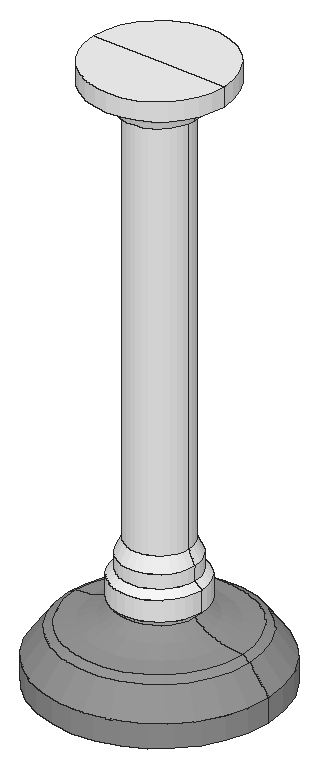
Revit family "DA-MA2100-CM2050-WPB-IDIS", category Security Devices, Revit 2015
Parameters
  Default Elevation = 1219.2 mm
  Ceiling Mount Height [instance] = 296.105 mm
Reference planes
  plane 1 "Center (Front/Back)": y = 0
  plane 2: z = 0
  plane 3 "Center (Left/Right)": x = 0
  plane 4: z = 425.109
  plane 5: z = 411.614
  plane 6: z = 394.105
  plane 7: x = 27.5
  plane 8: x = 32.5
  plane 9: x = 50
  plane 10: x = 22.5
  plane 11: z = 58
  plane 12: z = 73
  plane 13: z = 78
  plane 14: z = 88
  plane 15: z = 98
  plane 16: z = 53
Forms (mm)
  Revolve 1, solid, material "Metal - White - IDIS"
    sketch origin (0, 0, 344.096) x (1, 0, 0) y (0, 0, 1)
      loop
        line (0, -291.11) -> (27.505, -291.11) -> (32.5, -286.115) -> (32.5, -271.115) -> (27.5, -266.115) -> (27.5, -256.115) -> (22.5, -246.115) -> (22.5, 50.009) -> (0, 50.009) -> (0, -291.11)
      axis (0, -291.11) -> (0, 50.009)
    angle from 0 to 360
  Revolve 2, solid, material "Metal - White - IDIS"
    sketch origin (0, 0, 425.105) x (1, 0, 0) y (0, 0, 1)
      loop
        line (50, 0.005) -> (0, 0.005) -> (0, -31) -> (27.5, -31)
        arc (27.5, -31) -> (35.698, -18.324) -> (50, -13.491) r 22.931
        line (50, -13.491) -> (50, 0.005)
      axis (0, -31) -> (0, 0.005)
    angle from 0 to 360
Dimensions and locks
  locked: plane 16 to plane 11 at 5
  locked: plane 16 to plane 12 at 20
  locked: plane 16 to plane 13 at 25
  locked: plane 16 to plane 14 at 35
  locked: plane 16 to plane 15 at 45
  locked: plane 15 to level at 98
  locked: plane 5 to plane 6 at 17.509
  locked: plane 4 to plane 5 at 13.495
  "Ceiling Mount Height": plane 6 to plane 15
  aligned and locked: level to plane 2
  aligned and locked: plane 6 to Revolve 2 sketch curve
  aligned and locked: plane 5 to Revolve 2
  aligned and locked: Revolve 1 to plane 6
  aligned and locked: level to nested 1
  aligned and locked: nested 1 to level
Automatic sketch dimensions
  Revolve 1 sketch curve to plane 3 "Center (Left/Right)" = 0 mm  (x2)
  Revolve 1 sketch curve to plane 10 = 0 mm
  Revolve 1 sketch curve to plane 7 = 0 mm
  Revolve 1 sketch curve to plane 8 = 0 mm
  Revolve 1 sketch curve to plane 6 = 0 mm
  plane 7 to Revolve 1 sketch curve = 0.005 mm
  plane 15 to Revolve 1 sketch curve = 0.019 mm
  plane 14 to Revolve 1 sketch curve = 0.019 mm
  plane 13 to Revolve 1 sketch curve = 0.019 mm
  plane 12 to Revolve 1 sketch curve = 0.019 mm
  plane 11 to Revolve 1 sketch curve = 0.019 mm
  plane 16 to Revolve 1 sketch curve = 0.014 mm
  Revolve 1 sketch curve to level = 1870.234 mm
  plane 4 to Revolve 1 sketch curve = 368.136 mm
  Revolve 2 sketch curve to plane 3 "Center (Left/Right)" = 0 mm  (x2)
  Revolve 2 sketch curve to plane 4 = 0 mm
  Revolve 2 sketch curve to plane 5 = 0 mm
  Revolve 2 sketch curve to Revolve 2 sketch curve = 27.5 mm
  plane 6 to Revolve 2 sketch curve = 5.42 mm
  Revolve 2 sketch curve to Revolve 2 sketch curve = 22.281 mm
  Revolve 2 sketch curve to level = 2225.158 mm
  plane 4 to Revolve 2 sketch curve = 609.595 mm
Nested families
  nested 1: "DA-MA2100-IDIS" at (0, 0, 53) x (-1, 0, 0) z (0, -1, 0), type "DA-MA2100-IDIS"
Definition of nested family "DA-MA2100-IDIS"
  Parameters (values of type "DA-MA2100-IDIS")
    R3 = 83.6 mm
    R2 = 20 mm
    R1 = 17 mm
    L5 = 5 mm
    L4 = 6.7 mm
    L3 = 12.3 mm
    L2 = 14 mm
    L1 = 17.2 mm
    H1 = H - L1  # 53 mm
    H = 70.2 mm
    Default Elevation = 1219.2 mm
  Reference planes
    plane 1 "중심(앞/뒤)": y = 0
    plane 2: z = 0
    plane 3 "중심(왼쪽/오른쪽)": x = 0
    plane 4: x = 83.6
    plane 5: y = -17.2
    plane 6: y = -10.5
    plane 7: y = -12.2
    plane 8: y = -3.2
    plane 9: y = -4.9
    plane 10: x = 17
    plane 11: x = 20
    plane 12: y = 53
  Forms (mm)
    Extrusion 1, solid
      sketch origin (0, 0, 0) x (1, 0, 0) y (0, 1, 0)
        loop
          line (-1219.2, 1219.2) -> (-1219.2, -1219.2) -> (1219.2, -1219.2) -> (1219.2, 1219.2) -> (-1219.2, 1219.2)
      from 0 to -304.8
    Revolve 2, solid
      sketch origin (0, 0, 0) x (1, 0, 0) y (0, 1, 0)
        loop
          line (0, -17.2) -> (20, -17.2) -> (20, -12.2) -> (17, -10.5) -> (17, -4.9) -> (20, -3.2) -> (20, 0) -> (25.647, 0)
          arc (25.647, 0) -> (43.616, 9.749) -> (63.708, 13.526) r 65.941
          line (63.708, 13.526) -> (69.605, 16.868) -> (83.6, 36.04) -> (83.6, 53) -> (0, 53) -> (0, -17.2)
        axis (0, -17.2) -> (0, 53)
      angle from 0 to 360
  Dimensions and locks
    "L1": plane 5 to plane 1 "중심(앞/뒤)"
    "R1": plane 3 "중심(왼쪽/오른쪽)" to plane 10
    "R2": plane 3 "중심(왼쪽/오른쪽)" to plane 11
    "L2": plane 8 to plane 5
    "L3": plane 9 to plane 5
    "L4": plane 6 to plane 5
    "L5": plane 7 to plane 5
    "R3": plane 3 "중심(왼쪽/오른쪽)" to plane 4
    "H1": plane 1 "중심(앞/뒤)" to plane 12
    aligned and locked: plane 2 to Extrusion 1
    aligned and locked: level to Extrusion 1
    aligned and locked: plane 3 "중심(왼쪽/오른쪽)" to Revolve 2 sketch curve
  Automatic sketch dimensions
    Extrusion 1 sketch curve to Extrusion 1 sketch curve = 2438.4 mm  (x2)
    Revolve 2 sketch curve to plane 3 "중심(왼쪽/오른쪽)" = 0 mm
    Revolve 2 sketch curve to plane 9 = 0 mm
    Revolve 2 sketch curve to plane 10 = 0 mm
    Revolve 2 sketch curve to plane 8 = 0 mm
    Revolve 2 sketch curve to plane 11 = 0 mm  (x2)
    Revolve 2 sketch curve to plane 5 = 0 mm
    plane 1 "중심(앞/뒤)" to Revolve 2 sketch curve = 0 mm
    Revolve 2 sketch curve to plane 4 = 0 mm
    Revolve 2 sketch curve to plane 7 = 0 mm
    Revolve 2 sketch curve to plane 6 = 0 mm
    Revolve 2 sketch curve to plane 12 = 0 mm
    Revolve 2 sketch curve to plane 4 = 17.902 mm
    Revolve 2 sketch curve to plane 4 = 13.995 mm
    Revolve 2 sketch curve to plane 5 = 35.185 mm
    Revolve 2 sketch curve to plane 1 "중심(앞/뒤)" = 16.868 mm
    Revolve 2 sketch curve to Revolve 2 sketch curve = 16.96 mm
    Revolve 2 sketch curve to Revolve 2 sketch curve = 5.647 mm
    Revolve 2 sketch curve to Revolve 2 sketch curve = 5.896 mm
    Revolve 2 sketch curve to Revolve 2 sketch curve = 94.815 mm
    plane 12 to Revolve 2 sketch curve = 102.8 mm
